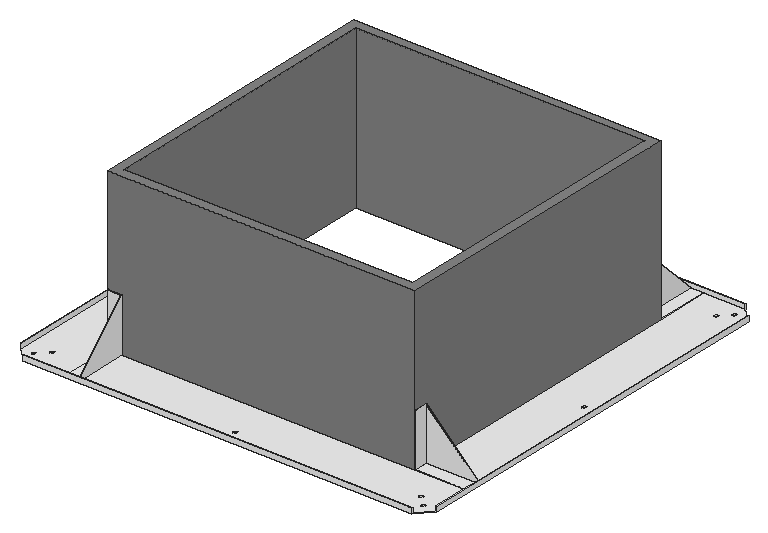
Revit family "НЕВАТОМ_Крышный переход KP для VKR, версия 1", category Арматура воздуховодов, Revit 2017
Family settings
  Размер круглого соединителя = Использовать диаметр
  Тип детали = Вставляется
  На основе рабочей плоскости = Нет
  Всегда вертикально = Нет
  При загрузке вырезать с полостями = Нет
  Общий = Нет
Parameters (values of type "КР 90")
  Материал = Оцинкованная сталь
  А = 896 mm
  d отв = 11 mm
  Nevatom_URL = "https://t.me/NEVATOM_Bim_bot"
  D = 1216 mm
  C = 870 mm
  B = 846 mm
  ADSK_Расход воздуха = 0.0 L/s
  ADSK_Размер_Ширина = D  # 1216 mm
  ADSK_Размер_Длина = D  # 1216 mm
  ADSK_Размер_Высота = 470 mm  # constant formula
  ADSK_Примечание = ""
  ADSK_Потеря давления воздуха = 0.0 Pa
  ADSK_Позиция = ""
  ADSK_Наименование = "Крышный переход"  # constant formula
  ADSK_Марка = "KP 90"
  ADSK_Количество = 1  # constant formula
  ADSK_Код изделия = ""
  ADSK_Завод-изготовитель = "НЕВАТОМ"  # constant formula
  ADSK_Единица измерения = "шт."
Types (5, lengths in mm): name | Материал | А | D | C | B | ADSK_Размер_Ширина | ADSK_Размер_Длина | ADSK_Марка
  КР 30 | Оцинкованная сталь | 296 | 616 | 270 | 246 | 616 | 616 | "KP 30"
  КР 40 | none | 396 | 716 | 370 | 346 | 716 | 716 | "KP 40"
  КР 56 | none | 556 | 876 | 530 | 506 | 876 | 876 | "KP 56"
  КР 63 | none | 626 | 946 | 600 | 576 | 946 | 946 | "KP 63"
  КР 90 | Оцинкованная сталь | 896 | 1216 | 870 | 846 | 1216 | 1216 | "KP 90"
Reference planes
  plane 1 "По центру (Вперед/Назад)": y = 0
  plane 2: z = 0
  plane 3 "По центру (Влево/Вправо)": x = 0
  plane 4: y = 608
  plane 5: y = -608
  plane 6: x = -608
  plane 7: x = 608
  plane 8: y = 423
  plane 9: y = -423
  plane 10: x = 448
  plane 11: x = -448
  plane 12: z = 470
  plane 13: z = 15
  plane 14: x = -423
  plane 15: x = 423
  plane 16: y = 448
  plane 17: y = -448
  plane 18: y = 568
  plane 19: y = -538
  plane 20: y = -568
  plane 21: x = 568
  plane 22: x = 538
  plane 23: x = -568
  plane 24: x = -538
  plane 25: y = 538
  plane 26: x = -187.228
  plane 27: x = 188
Forms (mm)
  Extrusion 1, solid, material "Оцинкованная сталь"
    sketch origin (0, 0, 0) x (1, 0, 0) y (0, 1, 0)
      loop
        line (-448, 448) -> (-448, -448) -> (448, -448) -> (448, 448) -> (-448, 448)
      loop
        line (-423, 423) -> (-423, -423) -> (423, -423) -> (423, 423) -> (-423, 423)
    from 0 to 470
  Extrusion 2, solid, material "Материал корпуса"
    sketch origin (0, 0, 0) x (1, 0, 0) y (0, 1, 0)
      loop
        line (-608, 608) -> (-608, -608) -> (608, -608) -> (608, 608) -> (-608, 608)
      loop
        line (-448, 448) -> (-448, -448) -> (448, -448) -> (448, 448) -> (-448, 448)
    from 0 to 2
  Extrusion 3, solid, material "Материал корпуса"
    sketch origin (0, 0, 0) x (1, 0, 0) y (0, 1, 0)
      loop
        line (-608, 608) -> (-608, -608) -> (608, -608) -> (608, 608) -> (-608, 608)
      loop
        line (-606, 606) -> (-606, -606) -> (606, -606) -> (606, 606) -> (-606, 606)
    from 0 to 15
  Extrusion 4, void
    sketch origin (0, 0, 0) x (1, 0, 0) y (0, 1, 0)
      loop
        circle (538, 538) r 5.5
      loop
        circle (568, 568) r 5.5
      loop
        circle (-538, 538) r 5.5
      loop
        circle (-568, 568) r 5.5
      loop
        circle (538, -538) r 5.5
      loop
        circle (568, -568) r 5.5
      loop
        circle (-538, -538) r 5.5
      loop
        circle (-568, -568) r 5.5
      loop
        line (608, -608) -> (608, -568) -> (606, -568) -> (568, -606) -> (568, -608) -> (608, -608)
      loop
        line (568, 608) -> (568, 606) -> (606, 568) -> (608, 568) -> (608, 608) -> (568, 608)
      loop
        line (-608, 568) -> (-606, 568) -> (-568, 606) -> (-568, 608) -> (-608, 608) -> (-608, 568)
      loop
        line (-608, -568) -> (-608, -608) -> (-568, -608) -> (-568, -606) -> (-606, -568) -> (-608, -568)
      loop
        circle (-20, 568) r 5.5
      loop
        circle (20, -568) r 5.5
      loop
        circle (-568, -20) r 5.5
      loop
        circle (568, 20) r 5.5
    from 0 to 15
  Extrusion 5, solid, material "Материал корпуса"
    sketch origin (0, 0, 0) x (1, 0, 0) y (0, 0, -1)
      loop
        line (-606, -2) -> (-448, -160) -> (-448, -2) -> (-606, -2)
    from 407.556 to 448
  Extrusion 6, solid, material "Материал корпуса"
    sketch origin (0, 0, 0) x (-1, 0, 0) y (0, 0, -1)
      loop
        line (-606, -2) -> (-448, -160) -> (-448, -2) -> (-606, -2)
    from 407.556 to 448
  Extrusion 7, solid, material "Материал корпуса"
    sketch origin (-27.889, 0, 0) x (0, 1, 0) y (0, 0, -1)
      loop
        line (-606, -2) -> (-448, -160) -> (-448, -2) -> (-606, -2)
    from 420.111 to 379.667
  Extrusion 8, solid, material "Материал корпуса"
    sketch origin (-27.889, 0, 0) x (0, -1, 0) y (0, 0, 1)
      loop
        line (-606, 2) -> (-448, 2) -> (-448, 160) -> (-606, 2)
    from -435.889 to -475.889
  Extrusion 9, void
    sketch origin (0, 0, 0) x (1, 0, 0) y (0, 1, 0)
      loop
        line (-448, -450) -> (-448, -606) -> (-409.556, -606) -> (-409.556, -450) -> (-448, -450)
      loop
        line (450, -409.556) -> (450, -448) -> (606, -448) -> (606, -409.556) -> (450, -409.556)
      loop
        line (410, 606) -> (410, 450) -> (448, 450) -> (448, 606) -> (410, 606)
      loop
        line (-606, 448) -> (-606, 409.556) -> (-450, 409.556) -> (-450, 448) -> (-606, 448)
    from 3 to 160
Cuts and joins
  Extrusion 4, Extrusion 9 cuts Extrusion 2
  Extrusion 4, Extrusion 9 cuts Extrusion 3
  joined: Extrusion 2, Extrusion 3
  Extrusion 9 cuts Extrusion 5
  Extrusion 9 cuts Extrusion 6
  Extrusion 9 cuts Extrusion 7
  Extrusion 9 cuts Extrusion 8
Dimensions and locks
  locked: plane 13 to plane 2 at 15
  "ADSK_Размер_Высота": plane 12 to plane 2
  equal spacing: plane 10, plane 3 "По центру (Влево/Вправо)", plane 11
  equal spacing: plane 7, plane 3 "По центру (Влево/Вправо)", plane 6
  "А": plane 10 to plane 11
  "D": plane 7 to plane 6
  plane 6 to plane 7 = 1216 mm
  "D": plane 4 to plane 5
  equal spacing: plane 4, plane 1 "По центру (Вперед/Назад)", plane 5
  equal spacing: plane 8, plane 1 "По центру (Вперед/Назад)", plane 9
  "B": plane 8 to plane 9
  plane 11 to plane 10 = 896 mm
  equal spacing: plane 15, plane 3 "По центру (Влево/Вправо)", plane 14
  "B": plane 15 to plane 14
  plane 14 to plane 15 = 846 mm
  "А": plane 16 to plane 17
  equal spacing: plane 16, plane 1 "По центру (Вперед/Назад)", plane 17
  locked: Extrusion 3 sketch curve to plane 7 at 2
  locked: plane 4 to Extrusion 3 sketch curve at 2
  locked: plane 6 to Extrusion 3 sketch curve at 2
  locked: Extrusion 3 sketch curve to plane 5 at 2
  locked: plane 6 to plane 23 at 40
  locked: plane 6 to plane 24 at 70
  plane 21 to plane 7 = 40 mm
  plane 22 to plane 7 = 70 mm
  locked: plane 4 to plane 18 at 40
  locked: plane 20 to plane 5 at 40
  locked: plane 19 to plane 5 at 70
  locked: plane 4 to plane 25 at 70
  locked: Extrusion 4 sketch curve to plane 3 "По центру (Влево/Вправо)" at 20
  locked: Extrusion 4 sketch curve to plane 1 "По центру (Вперед/Назад)" at 20
  locked: plane 1 "По центру (Вперед/Назад)" to Extrusion 4 sketch curve at 20
  locked: plane 3 "По центру (Влево/Вправо)" to Extrusion 4 sketch curve at 20
  locked: Extrusion 5 to Extrusion 5 at 40.444
  locked: Extrusion 6 to Extrusion 6 at 40.444
  locked: Extrusion 7 to Extrusion 7 at 40.444
  locked: Extrusion 8 to Extrusion 8 at 40
  locked: plane 17 to Extrusion 9 sketch curve at 2
  locked: Extrusion 9 sketch curve to Extrusion 7 at 2
  locked: Extrusion 9 sketch curve to Extrusion 6 at 2
  locked: plane 10 to Extrusion 9 sketch curve at 2
  locked: Extrusion 8 to Extrusion 9 sketch curve at 2
  locked: Extrusion 9 sketch curve to plane 16 at 2
  locked: Extrusion 5 to Extrusion 9 sketch curve at 2
  locked: Extrusion 9 sketch curve to plane 11 at 2
  "d отв": diameter of Extrusion 4 sketch curve  (x12)
  angle Extrusion 4 sketch curve to cut or joined group of Extrusion 2, Extrusion 3, Extrusion 4, Extrusion 9 = 45.00°
  locked: cut or joined group of Extrusion 2, Extrusion 3, Extrusion 4, Extrusion 9 to Extrusion 4 sketch curve (angle 45.00°)
  angle cut or joined group of Extrusion 2, Extrusion 3, Extrusion 4, Extrusion 9 to Extrusion 4 sketch curve = 45.00°
  locked: Extrusion 4 sketch curve to cut or joined group of Extrusion 2, Extrusion 3, Extrusion 4, Extrusion 9 (angle 45.00°)
  aligned and locked: level to plane 2
  aligned and locked: plane 11 to Extrusion 1 sketch curve
  aligned and locked: Extrusion 1 sketch curve to plane 8
  aligned and locked: Extrusion 1 sketch curve to plane 15
  aligned and locked: plane 9 to Extrusion 1 sketch curve
  aligned and locked: plane 14 to Extrusion 1 sketch curve
  aligned and locked: Extrusion 1 sketch curve to plane 16
  aligned and locked: Extrusion 1 sketch curve to plane 10
  aligned and locked: Extrusion 1 sketch curve to plane 17
  aligned and locked: plane 12 to Extrusion 1
  aligned and locked: Extrusion 1 to level
  aligned and locked: Extrusion 2 sketch curve to plane 4
  aligned and locked: Extrusion 2 sketch curve to plane 7
  aligned and locked: plane 6 to Extrusion 2 sketch curve
  aligned and locked: plane 5 to Extrusion 2 sketch curve
  aligned and locked: Extrusion 2 sketch curve to plane 10
  aligned and locked: Extrusion 2 sketch curve to plane 16
  aligned and locked: plane 11 to Extrusion 2 sketch curve
  aligned and locked: Extrusion 2 sketch curve to plane 17
  aligned and locked: Extrusion 3 sketch curve to plane 7
  aligned and locked: Extrusion 3 sketch curve to plane 4
  aligned and locked: plane 6 to Extrusion 3 sketch curve
  aligned and locked: plane 5 to Extrusion 3 sketch curve
  aligned and locked: Extrusion 3 to level
  aligned and locked: plane 13 to Extrusion 3
  aligned and locked: plane 22 to Extrusion 4 sketch curve
  aligned and locked: plane 21 to Extrusion 4 sketch curve  (x4)
  aligned and locked: Extrusion 4 sketch curve to plane 18
  aligned and locked: Extrusion 4 sketch curve to plane 25
  aligned and locked: plane 23 to Extrusion 4 sketch curve  (x2)
  aligned and locked: plane 18 to Extrusion 4 sketch curve  (x4)
  aligned and locked: plane 25 to Extrusion 4 sketch curve
  aligned and locked: plane 24 to Extrusion 4 sketch curve
  aligned and locked: Extrusion 4 sketch curve to plane 20
  aligned and locked: Extrusion 4 sketch curve to plane 21
  aligned and locked: Extrusion 4 sketch curve to plane 22
  aligned and locked: Extrusion 4 sketch curve to plane 19
  aligned and locked: plane 20 to Extrusion 4 sketch curve  (x4)
  aligned and locked: Extrusion 4 sketch curve to plane 23  (x2)
  aligned and locked: plane 19 to Extrusion 4 sketch curve
  aligned and locked: Extrusion 4 sketch curve to plane 24
  aligned and locked: Extrusion 4 sketch curve to plane 7  (x2)
  aligned and locked: plane 5 to Extrusion 4 sketch curve
  aligned and locked: Extrusion 4 sketch curve to plane 4
  aligned and locked: cut or joined group of Extrusion 2, Extrusion 3, Extrusion 4, Extrusion 9 to Extrusion 4 sketch curve  (x2)
  aligned and locked: Extrusion 4 sketch curve to cut or joined group of Extrusion 2, Extrusion 3, Extrusion 4, Extrusion 9  (x2)
  aligned and locked: Extrusion 4 sketch curve to plane 6
  aligned and locked: Extrusion 4 sketch curve to plane 5
  aligned and locked: cut or joined group of Extrusion 2, Extrusion 3, Extrusion 4, Extrusion 9 to level
  aligned and locked: plane 13 to Extrusion 4
  aligned and locked: Extrusion 1 to Extrusion 6
  aligned and locked: Extrusion 1 to Extrusion 5
  aligned and locked: Extrusion 7 to cut or joined group of Extrusion 2, Extrusion 3, Extrusion 4, Extrusion 9
  aligned and locked: Extrusion 7 to plane 11
  aligned and locked: Extrusion 8 to cut or joined group of Extrusion 2, Extrusion 3, Extrusion 4, Extrusion 9
  aligned and locked: plane 10 to Extrusion 8
  aligned and locked: plane 11 to Extrusion 9 sketch curve
  aligned and locked: cut or joined group of Extrusion 2, Extrusion 3, Extrusion 4, Extrusion 9 to Extrusion 9 sketch curve  (x4)
  aligned and locked: Extrusion 9 sketch curve to plane 17
  aligned and locked: Extrusion 9 sketch curve to plane 10
  aligned and locked: Extrusion 9 sketch curve to plane 16
  aligned and locked: Extrusion 9 to cut or joined group of Extrusion 5, Extrusion 9
Automatic sketch dimensions
  Extrusion 4 sketch curve to plane 23 = 0 mm
  Extrusion 4 sketch curve to Extrusion 4 sketch curve = 2 mm  (x2)
  Extrusion 4 sketch curve to plane 7 = 2 mm
  Extrusion 4 sketch curve to plane 4 = 2 mm
  Extrusion 5 sketch curve to plane 11 = 0 mm
  plane 6 to Extrusion 5 sketch curve = 2 mm
  plane 13 to Extrusion 5 sketch curve = 145 mm
  level to Extrusion 5 sketch curve = 2 mm
  Extrusion 6 sketch curve to plane 10 = 0 mm
  Extrusion 6 sketch curve to plane 7 = 2 mm
  plane 13 to Extrusion 6 sketch curve = 145 mm
  level to Extrusion 6 sketch curve = 2 mm
  Extrusion 7 sketch curve to plane 17 = 0 mm
  plane 5 to Extrusion 7 sketch curve = 2 mm
  plane 13 to Extrusion 7 sketch curve = 145 mm
  level to Extrusion 7 sketch curve = 2 mm
  Extrusion 8 sketch curve to plane 16 = 0 mm
  Extrusion 8 sketch curve to plane 4 = 2 mm
  level to Extrusion 8 sketch curve = 2 mm
  plane 13 to Extrusion 8 sketch curve = 145 mm
Connectors
  hvac at (0, 0, 470), driven by "B", driven by "B"
    settings: on Extrusion 1, index 1, duct flow 0.0 L/s, flow factor 0, pres drop 0.0 Pa, loss coef 0, conn angle 0.00°, conn width 846 mm, conn height 846 mm, conn diameter 609.6 mm, duct sys type 29, conn prof type 1, flow config 0, flow direction 0, loss method 0, conn ref index 2, conn util no, is conn primary yes, conn desc ""
  hvac at (0, 0, 0), driven by "B", driven by "B"
    settings: on Extrusion 1, index 2, duct flow 0.0 L/s, flow factor 0, pres drop 0.0 Pa, loss coef 0, conn angle 0.00°, conn width 846 mm, conn height 846 mm, conn diameter 609.6 mm, duct sys type 29, conn prof type 1, flow config 0, flow direction 0, loss method 0, conn ref index 1, conn util no, is conn primary no, conn desc ""
